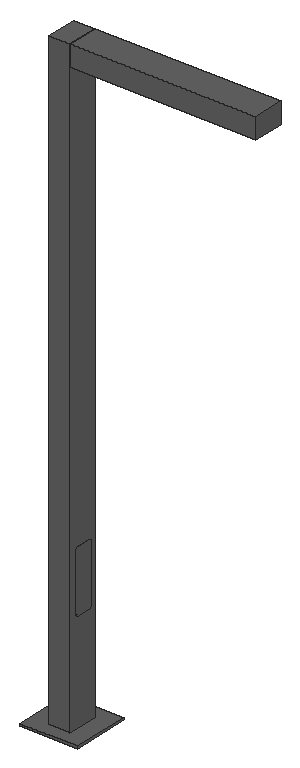
Revit family "Lin2-9.84ft", category Lighting Fixtures, Revit 2022
Family settings
  Round Connector Dimension = Use Diameter
  Part Type = Normal
  OmniClass Number = 23.80.70.00
  OmniClass Title = Lighting
  Work Plane-Based = No
  Always vertical = Yes
  Cut with Voids When Loaded = No
  Light Source = Yes
  Maintain Annotation Orientation = No
  Shared = No
  Room Calculation Point = No
Parameters (values of type "LIN2-120W-3000K-V-9.84ft")
  Wattage Comments = "120W"
  Wattage = 105.095 W
  built-in parameter 1150110 = 1 (stored number, unit not read)
  URL = "https://www.abovealllighting.com/Product/LED-OUTDOOR-FIXTURES/LEDMOONSERIESPOSTTOP/MACKLINColumnLight.html"
  built-in parameter 1114217 = 1 (stored number, unit not read)
  Tilt Angle = 90.00°
  built-in parameter 1150109 = 1 (stored number, unit not read)
  built-in parameter 1150134 = (empty or 0)
  built-in parameter 1150113 = 1 (stored number, unit not read)
  Power Factor = "0.9"
  Photometric Web File = "LIN2-12030801-V-BK.IES"
  Model = "LIN2-12030801-V-BK"
  Manufacturer = "Above All Lighting"  # constant formula
  Lumens = 15611 lm
  built-in parameter 1150115 = 1 (stored number, unit not read)
  built-in parameter 1150105 = 9127.9 (stored number, unit not read)
  Load Classification = Lighting
  built-in parameter 1150137 = (empty or 0)
  built-in parameter 1150139 = (empty or 0)
  built-in parameter 1150112 = 1 (stored number, unit not read)
  built-in parameter 1150114 = 1 (stored number, unit not read)
  Lamp = "LED"
  Input Voltage = "120-277V"
  built-in parameter 1150132 = 2
  built-in parameter 1150102 = (empty or 0)
  built-in parameter 1150138 = (empty or 0)
  built-in parameter 1150107 = 3000 (stored number, unit not read)
  built-in parameter 1150106 = 91.279 (stored number, unit not read)
  IP Rating = "IP65"
  H = 9' - 10.07928"
  built-in parameter 1150104 = 13.8 (stored number, unit not read)
  Dimming Lamp Color Temperature Shift = <None>
  Default Elevation = 0' - 0"
  Color Filter = 16777215
  CRI = "80"
  built-in parameter 1114218 = 1 (stored number, unit not read)
  built-in parameter 1150133 = 10 (stored number, unit not read)
Types (17): name | Wattage Comments | Wattage | Photometric Web File | Model | Lumens | built-in parameter 1150105 | built-in parameter 1150106
  (no name) | "120W" | 105.095 W | "LIN2-12030801-V-BK.IES" | "LIN2-12030801-V-BK" | 15611 lm | 9127.9 (stored number, unit not read) | 91.279 (stored number, unit not read)
  LIN2-70W-3000K-II-9.84ft | "70W" | 68.8492 W | "LIN2-7030801-II-BK.IES" | "LIN2-7030801-II-BK" | 10227 lm | 813.84 (stored number, unit not read) | 8.1384 (stored number, unit not read)
  LIN2-70W-3000K-III-9.84ft | "70W" | 62.4335 W | "LIN2-7030801-III-BK.IES" | "LIN2-7030801-III-BK" | 9274 lm | 4852 (stored number, unit not read) | 48.52 (stored number, unit not read)
  LIN2-70W-3000K-IV-9.84ft | "70W" | 69.2599 W | "LIN2-7030801-IV-BK.IES" | "LIN2-7030801-IV-BK" | 10288 lm | 4532.4 (stored number, unit not read) | 45.324 (stored number, unit not read)
  LIN2-70W-3000K-V-9.84ft | "70W" | 67.1527 W | "LIN2-7030801-V-BK.IES" | "LIN2-7030801-V-BK" | 9975 lm | 5934.8 (stored number, unit not read) | 59.348 (stored number, unit not read)
  LIN2-80W-3000K-II-9.84ft | "80W" | 75.1034 W | "LIN2-8030801-II-BK.IES" | "LIN2-8030801-II-BK" | 11156 lm | 5836.7 (stored number, unit not read) | 58.367 (stored number, unit not read)
  LIN2-80W-3000K-III-9.84ft | "80W" | 68.8156 W | "LIN2-8030801-III-BK.IES" | "LIN2-8030801-III-BK" | 10222 lm | 5305.2 (stored number, unit not read) | 53.052 (stored number, unit not read)
  LIN2-80W-3000K-IV-9.84ft | "80W" | 77.3923 W | "LIN2-8030801-IV-BK.IES" | "LIN2-8030801-IV-BK" | 11496 lm | 5052.3 (stored number, unit not read) | 50.523 (stored number, unit not read)
  LIN2-80W-3000K-V-9.84ft | "80W" | 75.2245 W | "LIN2-8030801-V-BK.IES" | "LIN2-8030801-V-BK" | 11174 lm | 6605.1 (stored number, unit not read) | 66.051 (stored number, unit not read)
  LIN2-100W-3000K-II-9.84ft | "100W" | 90.7353 W | "LIN2-10030801-II-BK.IES" | "LIN2-10030801-II-BK" | 13478 lm | 6995.1 (stored number, unit not read) | 69.951 (stored number, unit not read)
  LIN2-100W-3000K-III-9.84ft | "100W" | 81.8355 W | "LIN2-10030801-III-BK.IES" | "LIN2-10030801-III-BK" | 12156 lm | 6304.7 (stored number, unit not read) | 63.047 (stored number, unit not read)
  LIN2-100W-3000K-IV-9.84ft | "100W" | 92.8761 W | "LIN2-10030801-IV-BK.IES" | "LIN2-10030801-IV-BK" | 13796 lm | 6055.6 (stored number, unit not read) | 60.556 (stored number, unit not read)
  LIN2-100W-3000K-V-9.84ft | "100W" | 90.567 W | "LIN2-10030801-V-BK.IES" | "LIN2-10030801-V-BK" | 13453 lm | 7891.5 (stored number, unit not read) | 78.915 (stored number, unit not read)
  LIN2-120W-3000K-II-9.84ft | "120W" | 104.449 W | "LIN2-12030801-II-BK.IES" | "LIN2-12030801-II-BK" | 15515 lm | 8046.8 (stored number, unit not read) | 80.468 (stored number, unit not read)
  LIN2-120W-3000K-III-9.84ft | "120W" | 93.7984 W | "LIN2-12030801-III-BK.IES" | "LIN2-12030801-III-BK" | 13933 lm | 7255.2 (stored number, unit not read) | 72.552 (stored number, unit not read)
  LIN2-120W-3000K-IV-9.84ft | "120W" | 104.583 W | "LIN2-12030801-IV-BK.IES" | "LIN2-12030801-IV-BK" | 15535 lm | 6794.2 (stored number, unit not read) | 67.942 (stored number, unit not read)
  LIN2-120W-3000K-V-9.84ft | "120W" | 105.095 W | "LIN2-12030801-V-BK.IES" | "LIN2-12030801-V-BK" | 15611 lm | 9127.9 (stored number, unit not read) | 91.279 (stored number, unit not read)
Reference planes (in)
  plane 1 "Light Source Axis (F/B)": y = 0
  plane 2: z = 0
  plane 3 "Light Source Axis (L/R)": x = 0
  plane 4 "Light Source Elevation": z = 114.13928
  plane 5: z = 118.07928
  plane 6: x = -1.99
  plane 7: x = 1.99
  plane 8: x = 37.42
  plane 9: z = 114.13928
Forms (in)
  Extrusion 1, solid, material "Metal, Paint Finish, White, Matte"
    sketch origin (0, 0, 0) x (1, 0, 0) y (0, 1, 0)
      loop
        line (-1.99, 2.95) -> (-1.99, -2.95) -> (1.99, -2.95) -> (1.99, 2.95) -> (-1.99, 2.95)
    from 0 to 118.07928
  Extrusion 2, solid, material "Metal, Paint Finish, White, Matte"
    sketch origin (0, 0, 0) x (1, 0, 0) y (0, 1, 0)
      loop
        line (1.99, 2.95) -> (1.99, -2.95) -> (37.42, -2.95) -> (37.42, 2.95) -> (1.99, 2.95)
    from 114.13928 to 118.07928
  Extrusion 3, solid, material "Metal, Paint Finish, White, Matte"
    sketch origin (0, 0, 0) x (1, 0, 0) y (0, 1, 0)
      loop
        line (-5.51, 5.51) -> (-5.51, -5.51) -> (5.51, -5.51) -> (5.51, 5.51) -> (-5.51, 5.51)
    from 0 to 0.394
  Extrusion 4, solid, material "Glass, White, High Luminance"
    sketch origin (1.10399, 0, 0) x (1, 0, 0) y (0, 1, 0)
      loop
        line (20.18595, 1.42747) -> (20.18595, -1.42747) -> (29.42, -1.42747) -> (29.42, 1.42747) -> (20.18595, 1.42747)
    from 114.06559 to 114.13928
  Extrusion 5, solid, material "Metal, Paint Finish, White, Matte"
    sketch origin (0, 0, 0) x (0, 1, 0) y (0, 0, 1)
      loop
        arc (-1.27, 31.5) -> (-1.62355, 31.35355) -> (-1.77, 31) r 0.5
        line (-1.77, 31) -> (-1.77, 20.19)
        arc (-1.77, 20.19) -> (-1.62355, 19.83645) -> (-1.27, 19.69) r 0.5
        line (-1.27, 19.69) -> (1.27, 19.69)
        arc (1.27, 19.69) -> (1.62355, 19.83645) -> (1.77, 20.19) r 0.5
        line (1.77, 20.19) -> (1.77, 31)
        arc (1.77, 31) -> (1.62355, 31.35355) -> (1.27, 31.5) r 0.5
        line (1.27, 31.5) -> (-1.27, 31.5)
    from 1.99 to 2.21533
  Extrusion 6, solid, material "Glass, White, High Luminance"
    sketch origin (-11.39601, 0, 0) x (1, 0, 0) y (0, 1, 0)
      loop
        line (20.18595, 1.42747) -> (20.18595, -1.42747) -> (29.42, -1.42747) -> (29.42, 1.42747) -> (20.18595, 1.42747)
    from 114.06559 to 114.13928
Dimensions and locks (in)
  locked: plane 5 to plane 9 at 3.94
  locked: plane 8 to Extrusion 1 at 39.41
  "H": plane 5 to level
  locked: Extrusion 3 to Extrusion 3 at 0.394
  locked: Extrusion 1 to Extrusion 1 at 5.9
  locked: Extrusion 3 to Extrusion 3 at 11.02  (x2)
  locked: Extrusion 4 to Extrusion 2 at 0.07369
  locked: plane 8 to Extrusion 1 at 35.43
  aligned and locked: imposter light to plane 1 "Light Source Axis (F/B)"
  aligned and locked: plane 4 "Light Source Elevation" to imposter light
  aligned and locked: level to plane 2
  aligned and locked: Extrusion 1 to level
  aligned and locked: plane 5 to Extrusion 1
  aligned and locked: Extrusion 2 sketch curve to Extrusion 1  (x2)
  aligned and locked: plane 5 to Extrusion 2
  aligned and locked: plane 9 to Extrusion 2
  aligned and locked: Extrusion 2 to Extrusion 1
  aligned and locked: Extrusion 1 to plane 5
  aligned and locked: Extrusion 3 to level
  aligned and locked: imposter light to plane 9
  aligned and locked: plane 9 to plane 4 "Light Source Elevation"
  aligned and locked: Extrusion 4 to plane 9
  aligned and locked: Extrusion 5 to Extrusion 1
  aligned and locked: Extrusion 6 to plane 9
  aligned and locked: Extrusion 6 to Extrusion 4
Automatic sketch dimensions
  Extrusion 1 sketch curve to plane 6 = 0' - 0"
  Extrusion 1 sketch curve to plane 7 = 0' - 0"
  plane 1 "Light Source Axis (F/B)" to Extrusion 1 sketch curve = 0' - 2.95"
  Extrusion 1 sketch curve to plane 1 "Light Source Axis (F/B)" = 0' - 2.95"
  Extrusion 2 sketch curve to plane 7 = 0' - 0"
  Extrusion 2 sketch curve to plane 8 = 0' - 0"
  plane 6 to Extrusion 3 sketch curve = 0' - 3.52"
  plane 7 to Extrusion 3 sketch curve = 0' - 3.52"
  plane 1 "Light Source Axis (F/B)" to Extrusion 3 sketch curve = 0' - 5.51"
  Extrusion 3 sketch curve to plane 1 "Light Source Axis (F/B)" = 0' - 5.51"
  plane 1 "Light Source Axis (F/B)" to Extrusion 4 sketch curve = 0' - 1.42747"
  Extrusion 4 sketch curve to plane 8 = 1' - 4.13006"
  Extrusion 4 sketch curve to plane 8 = 0' - 6.89601"
  Extrusion 4 sketch curve to plane 1 "Light Source Axis (F/B)" = 0' - 1.42747"
  plane 1 "Light Source Axis (F/B)" to Extrusion 5 sketch curve = 0' - 1.77"
  Extrusion 5 sketch curve to Extrusion 5 sketch curve = 0' - 0 1/2"  (x3)
  Extrusion 5 sketch curve to plane 1 "Light Source Axis (F/B)" = 0' - 1.27"  (x2)
  level to Extrusion 5 sketch curve = 1' - 7.69"
  Extrusion 5 sketch curve to Extrusion 5 sketch curve = 0' - 10.81"
  plane 1 "Light Source Axis (F/B)" to Extrusion 6 sketch curve = 0' - 1.42747"
  plane 7 to Extrusion 6 sketch curve = 0' - 6.79994"
  Extrusion 6 sketch curve to Extrusion 6 sketch curve = 0' - 9.23405"
  Extrusion 6 sketch curve to plane 1 "Light Source Axis (F/B)" = 0' - 1.42747"
